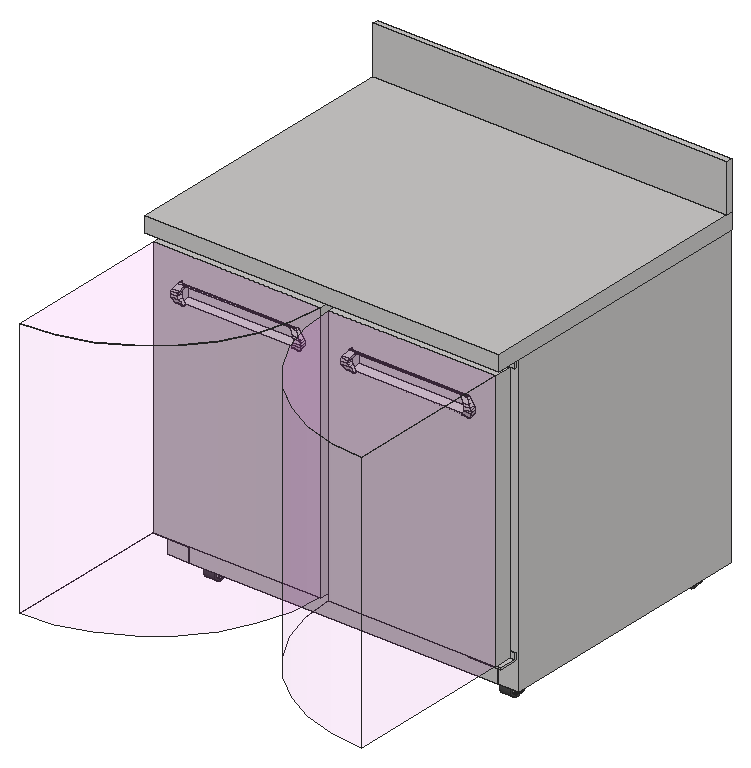
Revit family "Qf_Kelvinator_738339_KCHUCWT36F_2-Door_Worktop_Freezer_36_Long", category Specialty Equipment, Revit 2021
Family settings
  Round Connector Dimension = Use Diameter
  Part Type = Normal
  Work Plane-Based = No
  Always vertical = Yes
  Cut with Voids When Loaded = No
  Shared = No
  Room Calculation Point = No
Parameters
  Weight in Pounds = 187.393
  Watts = if(Phase = 3, Volts * FL Amps * 1.73, Volts * FL Amps)  # 345 W
  Volts = 115 V
  URL Cutsheet = ""
  Specification by User = ""
  Specification by Manufacturer = ""
  Show Clearance [instance] = yes
  Serial Number = ""
  Seismic Rating = ""
  SMACNA No = ""
  Revision Code = ""
  Refrigerant Type = "R290"
  Phase = 1
  Number of Poles = 1
  NAFEM Spec ID Number = ""
  Model = "738339 (KCHUCWT36F)"
  Min Ckt Ampacity = 0 A
  Max Overcurrent Protection = 0 A
  Masterspec = ""
  Manufacturer = "Kelvinator Commercial"
  Length = 36 7/16"
  Item Number = "738339"
  Installed By = ""
  Identify Quantity as Lot = yes
  Height = 39 5/8"
  HP = "1/4"
  Furnished By = ""
  Foodservice Equipment Identifier = yes
  FL Amps = 3 A
  Electrical Remarks = ""
  Electric Connection Type = ""
  Elec Conn RI Height = 0"
  Elec Conn Connection Height = 0"
  Description = "2-Door Worktop Freezer 36\" Long"
  Depth = 29 15/16"
  Default Elevation = 0"
  Cycle = 60 Hz
  Conn Plug = "5-15P"
  Conn Conduit = yes
  CSI MasterFormat = ""
  Apparent Power = if(Phase = 3, Volts * FL Amps * 1.73, Volts * FL Amps)  # 345 VA
Reference planes (in)
  plane 1 "BACK": y = 0
  plane 2: z = 0
  plane 3 "LEFT": x = 0
  plane 4 "RIGHT": x = 36.41732
  plane 5 "FRONT": y = -29.92126
  plane 6 "TOP": z = 39.64567
  plane 7 "Center Y": x = 18.20866
  plane 8 "Center X": y = -14.96063
  plane 9 "Base Height": z = 2.3622
  plane 10: z = 33.14961
  plane 11 "Worktop": z = 34.72441
  plane 12: x = 32.48031
  plane 13: z = 39.625
  plane 14: x = 36.4375
  plane 15: y = -29.9375
Forms (in)
  Extrusion 1, solid, material "QF_Metal - Stainless - Polished"
    sketch origin (0, 0, 34.72441) x (-1, 0, 0) y (0, -1, 0)
      loop
        line (0, 0) -> (0, 29.9375) -> (-36.4375, 29.9375) -> (-36.4375, 0) -> (0, 0)
    from 0 to -1.5748
  Extrusion 2, solid, material "QF_Metal - Stainless - Polished"
    sketch origin (36.4375, 0, 34.72441) x (0, -1, 0) y (0, 0, -1)
      loop
        line (0, 1.5748) -> (27.19734, 1.5748) -> (27.19734, 32.3622) -> (11.81102, 32.3622) -> (11.81102, 22.83465) -> (0, 22.83465) -> (0, 1.5748)
    from -2.30315 to -34.11417
  Extrusion 3, solid, material "QF_Metal - Stainless - Polished"
    sketch origin (0, 0, 0) x (1, 0, 0) y (0, 0, 1)
      loop
        line (2.30315, 2.3622) -> (2.30315, 33.14961) -> (0.09843, 33.14961) -> (0.09843, 2.3622) -> (2.30315, 2.3622)
      loop
        line (36.3189, 33.14961) -> (34.11417, 33.14961) -> (34.11417, 2.3622) -> (36.3189, 2.3622) -> (36.3189, 33.14961)
    from 0 to 27.1811
  Extrusion 4, solid, material "QF_Metal - Stainless - Polished"
    sketch origin (0, 0, -5.11811) x (0, 1, 0) y (0, 0, 1)
      loop
        arc (-27.1811, 37.77165) -> (-27.23876, 37.91085) -> (-27.37795, 37.9685) r 0.19685
        line (-27.37795, 37.9685) -> (-29.08661, 37.9685) -> (-29.08661, 37.85039) -> (-27.29921, 37.85039) -> (-27.29921, 37.22047) -> (-27.1811, 37.22047) -> (-27.1811, 37.77165)
    from 0.45276 to 3.75984
  Extrusion 5, solid, material "QF_Metal - Stainless - Polished"
    sketch origin (0, -27.1811, 0) x (1, 0, 0) y (0, 0, 1)
      loop
        line (17.81496, 32.40157) -> (0.61024, 32.40157) -> (0.61024, 5.61024) -> (17.81496, 5.61024) -> (17.81496, 32.40157)
      loop
        line (18.60236, 32.40157) -> (18.60236, 5.61024) -> (35.80709, 5.61024) -> (35.80709, 32.40157) -> (18.60236, 32.40157)
    from 0.61024 to 2.3937
  Revolve 6, solid, material "QF_Metal - Stainless - Polished"
    sketch origin (1.20079, -180, 26.25883) x (0, 0, 1) y (0, -1, 0)
      loop
        line (6.14274, -151.31693) -> (6.14274, -151.45472) -> (6.59156, -151.45472)
        arc (6.59156, -151.45472) -> (6.62674, -151.44015) -> (6.64131, -151.40497) r 0.04975
        line (6.64131, -151.40497) -> (6.64131, -151.31693) -> (6.14274, -151.31693)
      axis (6.64131, -151.31693) -> (6.14274, -151.31693)
    angle from 0 to 360
  Extrusion 7, solid, material "QF_Metal - Stainless - Polished"
    sketch origin (36.41732, 0, -5.11811) x (0, 1, 0) y (0, 0, -1)
      loop
        line (-27.1811, -37.77165) -> (-27.1811, -37.22047) -> (-27.29921, -37.22047) -> (-27.29921, -37.85039) -> (-29.08661, -37.85039) -> (-29.08661, -37.9685) -> (-27.37795, -37.9685)
        arc (-27.37795, -37.9685) -> (-27.23876, -37.91085) -> (-27.1811, -37.77165) r 0.19685
    from 0.45276 to 3.75984
  Revolve 8, solid, material "QF_Metal - Stainless - Polished"
    sketch origin (35.21654, -180, 26.25883) x (0, 0, 1) y (0, 1, 0)
      loop
        line (6.14274, 151.31693) -> (6.64131, 151.31693) -> (6.64131, 151.40497)
        arc (6.64131, 151.40497) -> (6.62674, 151.44015) -> (6.59156, 151.45472) r 0.04975
        line (6.59156, 151.45472) -> (6.14274, 151.45472) -> (6.14274, 151.31693)
      axis (6.64131, 151.31693) -> (6.14274, 151.31693)
    angle from 0 to 360
  Extrusion 9, solid, material "QF_Metal - Stainless - Polished"
    sketch origin (0, 0, 35.57087) x (0, 1, 0) y (0, 0, 1)
      loop
        line (-27.1811, -30.2126) -> (-27.1811, -29.66142) -> (-27.29921, -29.66142) -> (-27.29921, -30.29134) -> (-29.08661, -30.29134) -> (-29.08661, -30.40945) -> (-27.37795, -30.40945)
        arc (-27.37795, -30.40945) -> (-27.23876, -30.35179) -> (-27.1811, -30.2126) r 0.19685
    from 0.45276 to 3.75984
  Revolve 10, solid, material "QF_Metal - Stainless - Polished"
    sketch origin (1.20079, -180, 4.19392) x (0, 0, -1) y (0, 1, 0)
      loop
        line (-1.41632, 151.31693) -> (-0.91774, 151.31693) -> (-0.91774, 151.40497)
        arc (-0.91774, 151.40497) -> (-0.93232, 151.44015) -> (-0.9675, 151.45472) r 0.04975
        line (-0.9675, 151.45472) -> (-1.41632, 151.45472) -> (-1.41632, 151.31693)
      axis (-0.91774, 151.31693) -> (-1.41632, 151.31693)
    angle from 0 to 360
  Extrusion 11, solid, material "QF_Metal - Stainless - Polished"
    sketch origin (36.41732, 0, 35.57087) x (0, 1, 0) y (0, 0, -1)
      loop
        arc (-27.1811, 30.2126) -> (-27.23876, 30.35179) -> (-27.37795, 30.40945) r 0.19685
        line (-27.37795, 30.40945) -> (-29.08661, 30.40945) -> (-29.08661, 30.29134) -> (-27.29921, 30.29134) -> (-27.29921, 29.66142) -> (-27.1811, 29.66142) -> (-27.1811, 30.2126)
    from 0.45276 to 3.75984
  Revolve 12, solid, material "QF_Metal - Stainless - Polished"
    sketch origin (35.21654, -180, 4.19392) x (0, 0, -1) y (0, -1, 0)
      loop
        line (-1.41632, -151.31693) -> (-1.41632, -151.45472) -> (-0.9675, -151.45472)
        arc (-0.9675, -151.45472) -> (-0.93232, -151.44015) -> (-0.91774, -151.40497) r 0.04975
        line (-0.91774, -151.40497) -> (-0.91774, -151.31693) -> (-1.41632, -151.31693)
      axis (-0.91774, -151.31693) -> (-1.41632, -151.31693)
    angle from 0 to 360
  Extrusion 13, void
    sketch origin (0.61024, -27.1811, 3.16929) x (0, 0, 1) y (0, 1, 0)
      loop
        line (26.49213, -2.3937) -> (27.11311, -2.10413) -> (27.11311, -1.51358) -> (24.81366, -1.51358) -> (24.57783, -2.3937) -> (24.57783, -2.89858) -> (26.49213, -2.89858) -> (26.49213, -2.3937)
    from -2.84232 to -14.79941
  Extrusion 14, solid, material "QF_Metal - Stainless - Polished"
    sketch origin (0.61024, -27.1811, 3.16929) x (0, 0, 1) y (0, 1, 0)
      loop
        arc (25.66255, -2.88583) -> (25.77736, -2.87427) -> (25.88756, -2.84005) r 0.57588
        line (25.88756, -2.84005) -> (26.4466, -2.60275)
        arc (26.4466, -2.60275) -> (26.47987, -2.5711) -> (26.49213, -2.52684) r 0.08605
        line (26.49213, -2.52684) -> (26.49213, -2.3937) -> (24.52362, -2.3937) -> (24.52362, -2.52684)
        arc (24.52362, -2.52684) -> (24.53587, -2.5711) -> (24.56914, -2.60275) r 0.08605
        line (24.56914, -2.60275) -> (25.12816, -2.84004)
        arc (25.12816, -2.84004) -> (25.23839, -2.87426) -> (25.35322, -2.88583) r 0.57598
        line (25.35322, -2.88583) -> (25.66255, -2.88583)
    from -2.08661 to -15.55512
  Extrusion 15, void
    sketch origin (0, -29.5748, 0) x (1, 0, 0) y (0, 0, 1)
      loop
        arc (3.06002, 27.7398) -> (3.09731, 27.70539) -> (3.1465, 27.69291) r 0.10321
        line (3.1465, 27.69291) -> (3.87833, 27.69291)
        arc (3.87833, 27.69291) -> (3.90778, 27.71044) -> (3.9064, 27.74469) r 0.0335
        line (3.9064, 27.74469) -> (3.54363, 28.30172)
        arc (3.54363, 28.30172) -> (3.47581, 28.44848) -> (3.45256, 28.60847) r 0.5621
        line (3.45256, 28.60847) -> (3.45256, 28.73108)
        arc (3.45256, 28.73108) -> (3.46785, 28.83045) -> (3.51232, 28.92062) r 0.33045
        line (3.51232, 28.92062) -> (3.92503, 29.51004)
        arc (3.92503, 29.51004) -> (3.99539, 29.57174) -> (4.08628, 29.59398) r 0.19685
        line (4.08628, 29.59398) -> (14.77592, 29.59398)
        arc (14.77592, 29.59398) -> (14.86682, 29.57174) -> (14.93717, 29.51004) r 0.19685
        line (14.93717, 29.51004) -> (15.34989, 28.92062)
        arc (15.34989, 28.92062) -> (15.39435, 28.83045) -> (15.40965, 28.73108) r 0.33045
        line (15.40965, 28.73108) -> (15.40965, 28.60847)
        arc (15.40965, 28.60847) -> (15.3864, 28.44848) -> (15.31857, 28.30172) r 0.5621
        line (15.31857, 28.30172) -> (14.95581, 27.74469)
        arc (14.95581, 27.74469) -> (14.95443, 27.71044) -> (14.98388, 27.69291) r 0.0335
        line (14.98388, 27.69291) -> (15.7157, 27.69291)
        arc (15.7157, 27.69291) -> (15.76489, 27.70539) -> (15.80219, 27.7398) r 0.10321
        line (15.80219, 27.7398) -> (16.09437, 28.18846)
        arc (16.09437, 28.18846) -> (16.1442, 28.30275) -> (16.15402, 28.42704) r 0.37698
        line (16.15402, 28.42704) -> (16.13067, 28.69395)
        arc (16.13067, 28.69395) -> (16.11058, 28.78454) -> (16.06774, 28.86684) r 0.35543
        line (16.06774, 28.86684) -> (15.56744, 29.58134)
        arc (15.56744, 29.58134) -> (15.50032, 29.6402) -> (15.41361, 29.66142) r 0.1878
        line (15.41361, 29.66142) -> (3.4486, 29.66142)
        arc (3.4486, 29.66142) -> (3.36188, 29.6402) -> (3.29476, 29.58133) r 0.1878
        line (3.29476, 29.58133) -> (2.79447, 28.86684)
        arc (2.79447, 28.86684) -> (2.75162, 28.78454) -> (2.73154, 28.69395) r 0.35543
        line (2.73154, 28.69395) -> (2.70819, 28.42704)
        arc (2.70819, 28.42704) -> (2.71801, 28.30275) -> (2.76783, 28.18846) r 0.37698
        line (2.76783, 28.18846) -> (3.06002, 27.7398)
      loop
        line (2.34034, 30.14943) -> (2.34034, 27.27147) -> (16.50464, 27.27147) -> (16.50464, 30.14943) -> (2.34034, 30.14943)
      loop
        line (33.3573, 27.7398) -> (33.64949, 28.18846)
        arc (33.64949, 28.18846) -> (33.69931, 28.30275) -> (33.70914, 28.42704) r 0.37698
        line (33.70914, 28.42704) -> (33.68578, 28.69395)
        arc (33.68578, 28.69395) -> (33.6657, 28.78454) -> (33.62286, 28.86684) r 0.35543
        line (33.62286, 28.86684) -> (33.12256, 29.58133)
        arc (33.12256, 29.58133) -> (33.05544, 29.6402) -> (32.96872, 29.66142) r 0.1878
        line (32.96872, 29.66142) -> (21.00371, 29.66142)
        arc (21.00371, 29.66142) -> (20.917, 29.6402) -> (20.84988, 29.58134) r 0.1878
        line (20.84988, 29.58134) -> (20.34958, 28.86684)
        arc (20.34958, 28.86684) -> (20.30674, 28.78454) -> (20.28666, 28.69395) r 0.35543
        line (20.28666, 28.69395) -> (20.26331, 28.42704)
        arc (20.26331, 28.42704) -> (20.27313, 28.30275) -> (20.32295, 28.18846) r 0.37698
        line (20.32295, 28.18846) -> (20.61514, 27.7398)
        arc (20.61514, 27.7398) -> (20.65243, 27.70539) -> (20.70162, 27.69291) r 0.10321
        line (20.70162, 27.69291) -> (21.43345, 27.69291)
        arc (21.43345, 27.69291) -> (21.46289, 27.71044) -> (21.46152, 27.74469) r 0.0335
        line (21.46152, 27.74469) -> (21.09875, 28.30172)
        arc (21.09875, 28.30172) -> (21.03093, 28.44848) -> (21.00768, 28.60847) r 0.5621
        line (21.00768, 28.60847) -> (21.00768, 28.73108)
        arc (21.00768, 28.73108) -> (21.02297, 28.83045) -> (21.06744, 28.92062) r 0.33045
        line (21.06744, 28.92062) -> (21.48015, 29.51004)
        arc (21.48015, 29.51004) -> (21.5505, 29.57174) -> (21.6414, 29.59398) r 0.19685
        line (21.6414, 29.59398) -> (32.33104, 29.59398)
        arc (32.33104, 29.59398) -> (32.42194, 29.57174) -> (32.49229, 29.51004) r 0.19685
        line (32.49229, 29.51004) -> (32.905, 28.92062)
        arc (32.905, 28.92062) -> (32.94947, 28.83045) -> (32.96477, 28.73108) r 0.33045
        line (32.96477, 28.73108) -> (32.96477, 28.60847)
        arc (32.96477, 28.60847) -> (32.94152, 28.44848) -> (32.87369, 28.30172) r 0.5621
        line (32.87369, 28.30172) -> (32.51093, 27.74469)
        arc (32.51093, 27.74469) -> (32.50955, 27.71044) -> (32.53899, 27.69291) r 0.0335
        line (32.53899, 27.69291) -> (33.27082, 27.69291)
        arc (33.27082, 27.69291) -> (33.32001, 27.70539) -> (33.3573, 27.7398) r 0.10321
      loop
        line (34.07698, 30.14943) -> (19.91268, 30.14943) -> (19.91268, 27.27147) -> (34.07698, 27.27147) -> (34.07698, 30.14943)
    from 0 to 0.84096
  Extrusion 16, void
    sketch origin (35.80709, -27.1811, 25.29134) x (0, 0, 1) y (0, -1, 0)
      loop
        line (4.37008, 2.3937) -> (4.37008, 2.89858) -> (2.45578, 2.89858) -> (2.45578, 2.3937) -> (2.69161, 1.51358) -> (4.99106, 1.51358) -> (4.99106, 2.10413) -> (4.37008, 2.3937)
    from -2.84232 to -14.79941
  Extrusion 17, solid, material "QF_Metal - Stainless - Polished"
    sketch origin (35.80709, -27.1811, 3.16929) x (0, 0, 1) y (0, -1, 0)
      loop
        line (26.4466, 2.60275) -> (25.88756, 2.84005)
        arc (25.88756, 2.84005) -> (25.77736, 2.87427) -> (25.66255, 2.88583) r 0.57588
        line (25.66255, 2.88583) -> (25.35322, 2.88583)
        arc (25.35322, 2.88583) -> (25.23839, 2.87426) -> (25.12816, 2.84004) r 0.57598
        line (25.12816, 2.84004) -> (24.56914, 2.60275)
        arc (24.56914, 2.60275) -> (24.53587, 2.5711) -> (24.52362, 2.52684) r 0.08605
        line (24.52362, 2.52684) -> (24.52362, 2.3937) -> (26.49213, 2.3937) -> (26.49213, 2.52684)
        arc (26.49213, 2.52684) -> (26.47987, 2.5711) -> (26.4466, 2.60275) r 0.08605
    from -2.08661 to -15.55512
  Extrusion 18, solid, material "QF_Metal - Stainless - Polished"
    sketch origin (0.09843, 0, 2.3622) x (0, 0, 1) y (0, 1, 0)
      loop
        line (0, -11.81102) -> (0, 0) -> (-0.70866, 0) -> (-0.70866, -0.31496) -> (-0.64961, -0.31496) -> (-0.64961, -0.05906) -> (-0.05906, -0.05906) -> (-0.05906, -11.81102) -> (0, -11.81102)
      loop
        line (0, -27.02362) -> (0, -21.82677) -> (-0.70866, -21.82677) -> (-0.70866, -22.14173) -> (-0.64961, -22.14173) -> (-0.64961, -21.88583) -> (-0.05906, -21.88583) -> (-0.05906, -27.02362) -> (0, -27.02362)
    from -0.94882 to -35.27165
  Extrusion 19, solid, material "QF_Metal - Stainless - Polished"
    sketch origin (0, 0, 0) x (-1, 0, 0) y (0, 0, 1)
      loop
        line (-2.30315, 11.88976) -> (-34.11417, 11.88976) -> (-34.11417, 2.3622) -> (-2.30315, 2.3622) -> (-2.30315, 11.88976)
    from 0 to -0.0626
  Extrusion 20, solid, material "QF_Rubber - Black - Smooth"
    sketch origin (0, 0, 0) x (-1, 0, 0) y (0, 0, 1)
      loop
        circle (-32.48031, 10.77165) r 0.25
    from 0 to 0.0626
  Extrusion 21, solid, material "QF_Clearances_Door_Drawer", visible <- "Show Clearance"
    sketch origin (14.06858, -27.1811, 5.61024) x (0, -1, 0) y (-1, 0, 0)
      loop
        line (2.3937, -4.53378) -> (2.3937, -21.73851) -> (19.59843, -21.73851)
        arc (19.59843, -21.73851) -> (14.55928, -9.57293) -> (2.3937, -4.53378) r 17.20472
      loop
        arc (2.3937, -3.74638) -> (14.55928, 1.29277) -> (19.59843, 13.45834) r 17.20472
        line (19.59843, 13.45834) -> (2.3937, 13.45834) -> (2.3937, -3.74638)
    from 0 to -26.79134
  Extrusion 22, solid, material "QF_Rubber - Black - Smooth"
    sketch origin (0, -27.79134, 0) x (-1, 0, 0) y (0, 0, 1)
      loop
        line (-1.11024, 31.90157) -> (-17.31496, 31.90157) -> (-17.31496, 6.11024) -> (-1.11024, 6.11024) -> (-1.11024, 31.90157)
      loop
        line (-35.30709, 31.90157) -> (-35.30709, 6.11024) -> (-19.10236, 6.11024) -> (-19.10236, 31.90157) -> (-35.30709, 31.90157)
    from 0 to 0.61024
  Extrusion 23, solid, material "QF_Metal - Stainless - Polished"
    sketch origin (0, 0, 34.72441) x (-1, 0, 0) y (0, -1, 0)
      loop
        line (0, 0) -> (0, 0.60236) -> (-36.4375, 0.60236) -> (-36.4375, 0) -> (0, 0)
    from 0 to 4.90059
Cuts and joins
  joined: Extrusion 2, Extrusion 3
  Extrusion 13, Extrusion 16 cuts Extrusion 5
  Extrusion 15, Extrusion 16 cuts Extrusion 14
  Extrusion 15 cuts Extrusion 17
Lines and regions (in)
  symbolic lines
    curve 1: line (0, 0, 39.64567) -> (36.4375, 0, 39.64567)
    curve 2: line (0, -29.9375, 39.64567) -> (0, 0, 39.64567)
    curve 3: line (36.4375, -29.9375, 39.64567) -> (0, -29.9375, 39.64567)
    curve 4: line (36.4375, 0, 39.64567) -> (36.4375, -29.9375, 39.64567)
    curve 9: line (0, -0.60236, 39.64567) -> (36.4375, -0.60236, 39.64567)
  symbolic lines, style "QF_Clearances_Door_Drawer", visible <- "Show Clearance"
    curve 5: line (35.17888, -29.9375, 39.64567) -> (20.90736, -38.17717, 39.64567)
    curve 6: arc (20.90736, -38.17717, 39.64567) -> (19.23646, -34.20264, 39.64567) -> (18.60619, -29.9375, 39.64567) r 17.20472
    curve 7: line (1.23845, -29.9375, 39.64567) -> (15.50996, -38.17717, 39.64567)
    curve 8: arc (15.50996, -38.17717, 39.64567) -> (17.18086, -34.20264, 39.64567) -> (17.81114, -29.9375, 39.64567) r 17.20472
Dimensions and locks (in)
  equal spacing: plane 3 "LEFT", plane 7 "Center Y", plane 4 "RIGHT"
  plane 3 "LEFT" to plane 14 = 36 7/16"  (x2)
  equal spacing: plane 5 "FRONT", plane 8 "Center X", plane 1 "BACK"
  plane 5 "FRONT" to plane 1 "BACK" = 29.92126"
  plane 13 to level = 39 5/8"
  plane 9 "Base Height" to level = 2.3622"
  plane 6 "TOP" to plane 9 "Base Height" = 37.28346"
  plane 10 to plane 9 "Base Height" = 30.7874"
  plane 11 "Worktop" to plane 10 = 1.5748"
  plane 12 to plane 4 "RIGHT" = 3.93701"
  plane 13 to plane 2 = 39 5/8"
  plane 1 "BACK" to plane 15 = 29 15/16"
  aligned and locked: level to plane 2
Automatic sketch dimensions
  Extrusion 2 sketch curve to Extrusion 1 = 0"  (x2)
  Extrusion 1 to Extrusion 2 sketch curve = 11.81102"
  Extrusion 1 to Extrusion 2 sketch curve = 2.74016"
  Extrusion 2 sketch curve to Extrusion 1 = 21.25984"
  Extrusion 2 sketch curve to Extrusion 2 sketch curve = 9.52756"
  Extrusion 3 sketch curve to plane 9 "Base Height" = 0"  (x2)
  plane 3 "LEFT" to Extrusion 3 sketch curve = 0.09843"
  Extrusion 3 sketch curve to Extrusion 3 sketch curve = 2.20472"
  plane 4 "RIGHT" to Extrusion 3 sketch curve = 2.30315"
  plane 4 "RIGHT" to Extrusion 3 sketch curve = 0.09843"
  Extrusion 3 sketch curve to plane 6 "TOP" = 6.49606"  (x2)
  Extrusion 4 sketch curve to plane 5 "FRONT" = 0.83465"
  Extrusion 4 sketch curve to Extrusion 4 sketch curve = 1.70866"
  Extrusion 4 sketch curve to Extrusion 4 sketch curve = 0.07874"
  Extrusion 4 sketch curve to Extrusion 4 sketch curve = 0.11811"  (x2)
  Extrusion 4 sketch curve to plane 6 "TOP" = 7.54331"
  Extrusion 4 sketch curve to Extrusion 4 sketch curve = 0.55118"
  Extrusion 5 sketch curve to Extrusion 3 = 0.51181"  (x2)
  Extrusion 5 sketch curve to Extrusion 3 = 0.74803"  (x2)
  Extrusion 3 to Extrusion 5 sketch curve = 15.51181"
  Extrusion 5 sketch curve to Extrusion 5 sketch curve = 0.7874"
  Extrusion 5 sketch curve to Extrusion 3 = 3.24803"
  Extrusion 5 sketch curve to Extrusion 5 sketch curve = 0"
  Revolve 6 sketch curve to plane 6 "TOP" = 7.24409"
  Revolve 6 sketch curve to Revolve 6 sketch curve = 0.44882"
  Revolve 6 sketch curve to Revolve 6 sketch curve = 0.04975"
  Revolve 6 sketch curve to plane 5 "FRONT" = 1.37598"
  Revolve 6 sketch curve to Revolve 6 sketch curve = 0.1378"
  Revolve 6 sketch curve to Revolve 6 sketch curve = 0.68421"
  Revolve 6 sketch curve to Revolve 6 sketch curve = 0"  (x2)
  Extrusion 7 sketch curve to plane 5 "FRONT" = 0.83465"
  Extrusion 7 sketch curve to Extrusion 7 sketch curve = 1.70866"
  Extrusion 7 sketch curve to Extrusion 7 sketch curve = 0.07874"  (x2)
  Extrusion 7 sketch curve to Extrusion 7 sketch curve = 0.11811"
  Extrusion 7 sketch curve to plane 6 "TOP" = 6.79528"
  Extrusion 7 sketch curve to Extrusion 7 sketch curve = 0.55118"
  Revolve 8 sketch curve to plane 6 "TOP" = 7.24409"
  Revolve 8 sketch curve to Revolve 8 sketch curve = 0.44882"
  Revolve 8 sketch curve to Revolve 8 sketch curve = 0.04975"
  Revolve 8 sketch curve to plane 5 "FRONT" = 1.23819"
  Revolve 8 sketch curve to Revolve 8 sketch curve = 0.08804"
  Revolve 8 sketch curve to Revolve 8 sketch curve = 0.68421"
  Revolve 8 sketch curve to Revolve 8 sketch curve = 0"  (x2)
  Extrusion 9 sketch curve to plane 5 "FRONT" = 0.83465"
  plane 9 "Base Height" to Extrusion 9 sketch curve = 2.79921"
  Extrusion 9 sketch curve to Extrusion 9 sketch curve = 1.70866"
  Extrusion 9 sketch curve to Extrusion 9 sketch curve = 0.07874"  (x2)
  Extrusion 9 sketch curve to Extrusion 9 sketch curve = 0.11811"
  Extrusion 9 sketch curve to Extrusion 9 sketch curve = 0.55118"
  plane 9 "Base Height" to Revolve 10 sketch curve = 3.24803"
  plane 9 "Base Height" to Revolve 10 sketch curve = 2.79921"
  Revolve 10 sketch curve to Revolve 10 sketch curve = 0.04975"
  Revolve 10 sketch curve to plane 5 "FRONT" = 1.23819"
  Revolve 10 sketch curve to Revolve 10 sketch curve = 0.08804"
  Revolve 10 sketch curve to Revolve 10 sketch curve = 0.68421"
  Revolve 10 sketch curve to Revolve 10 sketch curve = 0"  (x2)
  Extrusion 11 sketch curve to plane 5 "FRONT" = 0.83465"
  plane 9 "Base Height" to Extrusion 11 sketch curve = 2.79921"
  Extrusion 11 sketch curve to Extrusion 11 sketch curve = 1.70866"
  Extrusion 11 sketch curve to Extrusion 11 sketch curve = 0.07874"
  Extrusion 11 sketch curve to Extrusion 11 sketch curve = 0.11811"  (x2)
  Extrusion 11 sketch curve to Extrusion 11 sketch curve = 0.55118"
  plane 9 "Base Height" to Revolve 12 sketch curve = 3.24803"
  plane 9 "Base Height" to Revolve 12 sketch curve = 2.79921"
  Revolve 12 sketch curve to Revolve 12 sketch curve = 0.04975"
  Revolve 12 sketch curve to plane 5 "FRONT" = 1.37598"
  Revolve 12 sketch curve to Revolve 12 sketch curve = 0.1378"
  Revolve 12 sketch curve to Revolve 12 sketch curve = 0.68421"
  Revolve 12 sketch curve to Revolve 12 sketch curve = 0"  (x2)
  Extrusion 13 sketch curve to Extrusion 5 = 0"  (x2)
  Extrusion 5 to Extrusion 13 sketch curve = 4.65445"
  Extrusion 13 sketch curve to Extrusion 13 sketch curve = 0.23583"
  Extrusion 13 sketch curve to Extrusion 13 sketch curve = 1.67847"
  Extrusion 5 to Extrusion 13 sketch curve = 0.28957"
  Extrusion 13 sketch curve to Extrusion 13 sketch curve = 0.62098"
  Extrusion 13 sketch curve to Extrusion 5 = 0.50488"
  Extrusion 13 sketch curve to Extrusion 13 sketch curve = 0.59055"
  Extrusion 14 sketch curve to Extrusion 5 = 0"
  Extrusion 14 sketch curve to Extrusion 5 = 0.13314"  (x2)
  Extrusion 5 to Extrusion 14 sketch curve = 4.70866"
  Extrusion 14 sketch curve to Extrusion 5 = 0.20905"  (x2)
  Extrusion 14 sketch curve to Extrusion 14 sketch curve = 0.04552"
  Extrusion 14 sketch curve to Extrusion 5 = 0.44634"
  Extrusion 14 sketch curve to Extrusion 14 sketch curve = 0.51849"
  Extrusion 14 sketch curve to Extrusion 14 sketch curve = 0.22505"
  Extrusion 14 sketch curve to Extrusion 14 sketch curve = 0.30933"
  Extrusion 14 sketch curve to Extrusion 5 = 0.44635"
  Extrusion 14 sketch curve to Extrusion 14 sketch curve = 0.22501"
  Extrusion 14 sketch curve to Extrusion 14 sketch curve = 0.51851"
  Extrusion 14 sketch curve to Extrusion 14 sketch curve = 0.04053"
  Extrusion 14 sketch curve to Extrusion 14 sketch curve = 0.04578"
  Extrusion 16 sketch curve to plane 5 "FRONT" = 0.34646"  (x2)
  Extrusion 16 sketch curve to plane 6 "TOP" = 11.89855"
  Extrusion 16 sketch curve to Extrusion 16 sketch curve = 0.23583"
  Extrusion 16 sketch curve to Extrusion 16 sketch curve = 1.67847"
  Extrusion 16 sketch curve to Extrusion 16 sketch curve = 0.62098"
  Extrusion 16 sketch curve to plane 5 "FRONT" = 0.63603"
  Extrusion 16 sketch curve to Extrusion 16 sketch curve = 0.88012"
  plane 5 "FRONT" to Extrusion 16 sketch curve = 0.15842"
  Extrusion 15 sketch curve to Extrusion 5 = 1.7301"
  Extrusion 15 sketch curve to Extrusion 15 sketch curve = 0.36785"
  Extrusion 15 sketch curve to Extrusion 15 sketch curve = 0.02335"  (x2)
  Extrusion 15 sketch curve to Extrusion 15 sketch curve = 0.05965"  (x4)
  Extrusion 15 sketch curve to Extrusion 15 sketch curve = 0.06293"  (x4)
  Extrusion 15 sketch curve to Extrusion 15 sketch curve = 0.29218"  (x2)
  Extrusion 15 sketch curve to Extrusion 15 sketch curve = 0.37554"  (x2)
  Extrusion 15 sketch curve to Extrusion 15 sketch curve = 0.00189"  (x4)
  Extrusion 15 sketch curve to Extrusion 15 sketch curve = 0.08648"  (x4)
  Extrusion 15 sketch curve to Extrusion 15 sketch curve = 0.5003"  (x2)
  Extrusion 15 sketch curve to Extrusion 15 sketch curve = 0.15384"  (x2)
  Extrusion 15 sketch curve to Extrusion 15 sketch curve = 0.36694"  (x4)
  Extrusion 15 sketch curve to Extrusion 15 sketch curve = 0.05976"  (x4)
  Extrusion 15 sketch curve to Extrusion 15 sketch curve = 0.09108"  (x2)
  Extrusion 15 sketch curve to Extrusion 15 sketch curve = 0.33045"
  Extrusion 15 sketch curve to Extrusion 15 sketch curve = 0.3347"  (x2)
  Extrusion 15 sketch curve to Extrusion 15 sketch curve = 0.02807"  (x4)
  Extrusion 15 sketch curve to Extrusion 15 sketch curve = 0.47643"  (x2)
  Extrusion 15 sketch curve to Extrusion 15 sketch curve = 0.23164"  (x4)
  Extrusion 15 sketch curve to Extrusion 15 sketch curve = 0.16125"  (x4)
  Extrusion 15 sketch curve to Extrusion 5 = 3.03904"
  Extrusion 15 sketch curve to Extrusion 15 sketch curve = 0.07163"  (x2)
  Extrusion 15 sketch curve to Extrusion 15 sketch curve = 0.10826"  (x2)
  Extrusion 15 sketch curve to Extrusion 15 sketch curve = 0.23938"  (x2)
  Extrusion 15 sketch curve to Extrusion 15 sketch curve = 0.27069"  (x3)
  Extrusion 15 sketch curve to Extrusion 15 sketch curve = 0.47644"  (x2)
  Extrusion 15 sketch curve to Extrusion 15 sketch curve = 0.15383"  (x2)
  Extrusion 15 sketch curve to Extrusion 15 sketch curve = 0.39713"  (x2)
  Extrusion 15 sketch curve to Extrusion 15 sketch curve = 0.29115"  (x2)
  Extrusion 15 sketch curve to Extrusion 15 sketch curve = 0.3159"  (x2)
  Extrusion 15 sketch curve to Extrusion 15 sketch curve = 0.9372"
  Extrusion 15 sketch curve to Extrusion 5 = 1.31032"
  Extrusion 15 sketch curve to Extrusion 15 sketch curve = 0.35062"
  Extrusion 15 sketch curve to Extrusion 5 = 3.47605"
  Extrusion 15 sketch curve to Extrusion 15 sketch curve = 0.71968"
  Extrusion 15 sketch curve to Extrusion 5 = 5.13011"  (x2)
  Extrusion 15 sketch curve to Extrusion 15 sketch curve = 0.42145"  (x4)
  Extrusion 15 sketch curve to Extrusion 15 sketch curve = 0.0335"  (x4)
  Extrusion 15 sketch curve to Extrusion 15 sketch curve = 3/64"  (x4)
  Extrusion 15 sketch curve to Extrusion 15 sketch curve = 0.44866"  (x4)
  Extrusion 15 sketch curve to Extrusion 15 sketch curve = 0.5056"  (x4)
  Extrusion 15 sketch curve to Extrusion 15 sketch curve = 0.20572"  (x4)
  Extrusion 15 sketch curve to Extrusion 15 sketch curve = 0.26879"  (x4)
  Extrusion 15 sketch curve to Extrusion 15 sketch curve = 0.26691"  (x4)
  Extrusion 15 sketch curve to Extrusion 15 sketch curve = 0.12262"  (x4)
  Extrusion 15 sketch curve to Extrusion 15 sketch curve = 0.66605"  (x4)
  Extrusion 15 sketch curve to Extrusion 15 sketch curve = 0.55299"  (x2)
  Extrusion 15 sketch curve to Extrusion 15 sketch curve = 0.553"  (x2)
  Extrusion 15 sketch curve to Extrusion 15 sketch curve = 0.11291"  (x2)
  Extrusion 15 sketch curve to Extrusion 15 sketch curve = 0.10772"  (x2)
  Extrusion 15 sketch curve to Extrusion 15 sketch curve = 0.56809"  (x2)
  Extrusion 17 sketch curve to Extrusion 5 = 0"
  Extrusion 17 sketch curve to Extrusion 5 = 4.70866"
  Extrusion 17 sketch curve to Extrusion 5 = 0.20905"  (x2)
  Extrusion 17 sketch curve to Extrusion 17 sketch curve = 0.04552"
  Extrusion 17 sketch curve to Extrusion 17 sketch curve = 0.04053"  (x2)
  Extrusion 17 sketch curve to Extrusion 5 = 0.44634"
  Extrusion 17 sketch curve to Extrusion 17 sketch curve = 0.51849"
  Extrusion 17 sketch curve to Extrusion 17 sketch curve = 0.22505"
  Extrusion 5 to Extrusion 17 sketch curve = 0.08375"
  Extrusion 17 sketch curve to Extrusion 17 sketch curve = 0.30933"
  Extrusion 17 sketch curve to Extrusion 5 = 0.44635"
  Extrusion 17 sketch curve to Extrusion 17 sketch curve = 0.22501"
  Extrusion 17 sketch curve to Extrusion 5 = 0.13314"
  Extrusion 17 sketch curve to Extrusion 17 sketch curve = 0.51851"
  Extrusion 3 to Extrusion 19 sketch curve = 0"
  Extrusion 19 sketch curve to Extrusion 3 = 0"  (x2)
  Extrusion 19 sketch curve to Extrusion 3 = 9.52756"
  Extrusion 20 sketch curve to Extrusion 19 = 1.63386"
  Extrusion 20 sketch curve to Extrusion 19 = 1.11811"
  Extrusion 5 to Extrusion 21 sketch curve = 0"
  Extrusion 21 sketch curve to Extrusion 5 = 0"  (x3)
  Extrusion 5 to Extrusion 21 sketch curve = 17.20472"
  Extrusion 21 sketch curve to Extrusion 21 sketch curve = 0.7874"
  Extrusion 22 sketch curve to Extrusion 5 = 1/2"  (x8)
  plane 1 "BACK" to curve 1 = 0"
  curve 1 to plane 4 "RIGHT" = 0.02018"
  plane 5 "FRONT" to curve 5 = 0.01624"
  curve 2 to plane 3 "LEFT" = 0"
  plane 4 "RIGHT" to curve 6 = 0.61024"
  plane 7 "Center Y" to curve 5 = 2.6987"
  curve 7 to plane 7 "Center Y" = 2.6987"
  plane 3 "LEFT" to curve 8 = 0.61024"
  curve 6 to plane 5 "FRONT" = 0.34646"
  curve 8 to plane 5 "FRONT" = 0.34646"
  plane 5 "FRONT" to curve 5 = 8.25591"
  curve 7 to curve 5 = 0"
  curve 6 to curve 5 = 0.62821"
  curve 7 to curve 8 = 0.62821"
  plane 1 "BACK" to Extrusion 1 sketch curve = 0"
  Extrusion 1 sketch curve to plane 4 "RIGHT" = 0.02018"
  Extrusion 1 sketch curve to plane 3 "LEFT" = 0"
  plane 5 "FRONT" to Extrusion 1 sketch curve = 0.01624"
  Extrusion 23 sketch curve to Extrusion 1 = 0"  (x3)
  Extrusion 23 sketch curve to Extrusion 1 = 0.60236"
  curve 1 to curve 9 = 0.60236"
  Extrusion 18 sketch curve to Extrusion 3 = 0"  (x3)
  Extrusion 18 sketch curve to Extrusion 3 = 0.05906"  (x2)
  Extrusion 18 sketch curve to Extrusion 18 sketch curve = 0.59055"  (x2)
  Extrusion 3 to Extrusion 18 sketch curve = 0.05906"
  Extrusion 18 sketch curve to Extrusion 18 sketch curve = 0.05906"  (x3)
  Extrusion 18 sketch curve to Extrusion 18 sketch curve = 0.25591"  (x2)
  Extrusion 18 sketch curve to Extrusion 18 sketch curve = 11.49606"
  Extrusion 18 sketch curve to Extrusion 18 sketch curve = 10.01575"
  Extrusion 3 to Extrusion 18 sketch curve = 0.15748"
  radius of Extrusion 20 sketch curve = 1/4"
Nested families (in)
  nested 1: "2 INCHES_CASTER" at (33.44094, -2.16535, 0), type "2 INCHES_CASTER"
    with Type Mark "", Specification by User "", Revision Code "", Item Number "", Installed By "", Identify Quantity as Lot yes, Furnished By "", Foodservice Equipment Identifier yes, 2.5 Inches Caster yes
  nested 2: "2 INCHES_CASTER" at (33.44094, -25.01575, 0), type "2 INCHES_CASTER"
    with Type Mark "", Specification by User "", Revision Code "", Item Number "", Installed By "", Identify Quantity as Lot yes, Furnished By "", Foodservice Equipment Identifier yes, 2.5 Inches Caster yes
  nested 3: "2 INCHES_CASTER" at (2.97638, -2.16535, 0), type "2 INCHES_CASTER"
    with Type Mark "", Specification by User "", Revision Code "", Item Number "", Installed By "", Identify Quantity as Lot yes, Furnished By "", Foodservice Equipment Identifier yes, 2.5 Inches Caster yes
  nested 4: "2 INCHES_CASTER" at (2.97638, -25.01575, 0), type "2 INCHES_CASTER"
    with Type Mark "", Specification by User "", Revision Code "", Item Number "", Installed By "", Identify Quantity as Lot yes, Furnished By "", Foodservice Equipment Identifier yes, 2.5 Inches Caster yes
Connectors (in)
  electrical at (32.48031, 0.0626, 10.77165), driven by "Volts"
    settings: on Extrusion 20, index 1, voltage 115 V, apparent load 0 VA, apparent load phase1 0 VA, apparent load phase2 0 VA, apparent load phase3 0 VA, power factor 1, load classification "Other", number of poles 1, system type 30, power factor state 1, is connector primary yes, connector utility no, sub classification motor no, connector description "Electrical Connection"
Definition of nested family "2 INCHES_CASTER"
  Parameters (values of type "2 INCHES_CASTER")
    Weight = ""
    URL Manufacturer = ""
    URL Cutsheet = ""
    URL = ""
    Type Mark [instance] = ""
    Specification by User [instance] = ""
    Specification by Manufacturer = ""
    Serial Number = ""
    Seismic Rating = ""
    SMACNA No = ""
    Revision Code [instance] = ""
    Omniclass Number and Title = ""
    NAFEM Spec ID Number = ""
    Model = ""
    MasterSpec. = ""
    Manufacturer = ""
    Item Number [instance] = ""
    Installed By [instance] = ""
    Identify Quantity as Lot [instance] = yes
    Furnished By [instance] = ""
    Foodservice Equipment Identifier [instance] = yes
    Description = ""
    Default Elevation = 0"
    CSI MasterFormat = ""
    CSI Master Format = ""
    Assembly Code = ""
    2.5 Inches Caster [instance] = yes
  Reference planes (in)
    plane 1: z = 0
    plane 2 "RIGHT": x = 0
    plane 3 "FRONT": y = 0
    plane 4 "TOP": z = 2.30315
  Forms (in)
    Revolve 1, solid, visible <- "2.5 Inches Caster"
      sketch origin (-1.93794, 0.46818, -1.0041) x (1, 0, 0) y (0, 0, 1)
        loop
          line (0.74055, 1.86347) -> (0.74055, 1.78797) -> (0.79055, 1.73797) -> (0.85055, 1.73797) -> (0.85055, 1.6179) -> (1.235, 1.6179) -> (1.235, 1.55055) -> (1.38673, 1.46295) -> (1.4003, 1.3791) -> (1.34375, 1.3791) -> (1.34375, 1.2541) -> (1.375, 1.2541) -> (1.375, 1.0041) -> (2.48438, 1.0041) -> (2.48438, 1.2541) -> (2.51563, 1.2541) -> (2.51563, 1.3791) -> (2.45908, 1.3791) -> (2.47322, 1.46647) -> (2.62438, 1.55374) -> (2.62438, 1.6179) -> (3.04007, 1.6179) -> (3.04007, 1.73797) -> (3.10007, 1.73797) -> (3.15007, 1.78797) -> (3.15007, 1.86347) -> (0.74055, 1.86347)
        axis (0.74055, 1.86347) -> (3.15007, 1.86347)
      angle from 0 to 360
    Extrusion 2, solid, visible <- "2.5 Inches Caster"
      sketch origin (-1.93794, 1.43296, -3.41527) x (0, 1, 0) y (0, 0, 1)
        loop
          line (-0.64294, 5.3791) -> (-2.21294, 5.3791) -> (-2.21294, 5.24769) -> (-1.37414, 5.24769)
          arc (-1.37414, 5.24769) -> (-0.62115, 5.15851) -> (0.05138, 4.80832) r 2.10495
          line (0.05138, 4.80832) -> (0.12713, 4.91318)
          arc (0.12713, 4.91318) -> (-0.07255, 5.06376) -> (-0.29048, 5.18644) r 1.8753
          line (-0.29048, 5.18644) -> (-0.22239, 5.30423)
          arc (-0.22239, 5.30423) -> (-0.42936, 5.36024) -> (-0.64294, 5.3791) r 1.21859
      from 1.17357 to 2.70231
    Revolve 3, solid, visible <- "2.5 Inches Caster"
      sketch origin (0, 1.73858, -3.75) x (0, 1, 0) y (0, 0, 1)
        loop
          line (-1.73858, 5.71382) -> (-1.05793, 5.71382) -> (-1.05793, 6.05315) -> (-1.73858, 6.05315) -> (-1.73858, 5.71382)
        axis (-1.73858, 5.71382) -> (-1.73858, 6.05315)
      angle from 0 to 360
    Extrusion 4, solid, visible <- "2.5 Inches Caster"
      sketch origin (-1.98481, 1.43296, -1.7541) x (0, 1, 0) y (0, 0, 1)
        loop
          line (-2.21294, 3.71792) -> (-2.21294, 3.58652) -> (-1.94904, 3.58652)
          arc (-1.94904, 3.58652) -> (-1.56115, 3.28048) -> (-1.39241, 2.81612) r 0.90292
          arc (-1.39241, 2.81612) -> (-1.36136, 2.62044) -> (-1.29729, 2.43295) r 1.15385
          arc (-1.29729, 2.43295) -> (-0.94802, 2.21237) -> (-0.6121, 2.45278) r 0.37001
          arc (-0.6121, 2.45278) -> (-0.59625, 2.50123) -> (-0.58446, 2.55082) r 0.61695
          arc (-0.58446, 2.55082) -> (-0.36134, 2.95548) -> (0.05609, 3.15367) r 0.75313
          line (0.05609, 3.15367) -> (0.12713, 3.252)
          arc (0.12713, 3.252) -> (-0.07255, 3.40259) -> (-0.29048, 3.52526) r 1.8753
          line (-0.29048, 3.52526) -> (-0.22239, 3.64306)
          arc (-0.22239, 3.64306) -> (-0.42936, 3.69906) -> (-0.64294, 3.71792) r 1.21859
          line (-0.64294, 3.71792) -> (-2.21294, 3.71792)
      from 2.74918 to 2.90825
    Extrusion 5, solid, visible <- "2.5 Inches Caster"
      sketch origin (1.98481, 1.43296, -1.7541) x (0, 1, 0) y (0, 0, -1)
        loop
          arc (-0.58446, -2.55082) -> (-0.59625, -2.50123) -> (-0.6121, -2.45278) r 0.61695
          arc (-0.6121, -2.45278) -> (-0.94802, -2.21237) -> (-1.29729, -2.43295) r 0.37001
          arc (-1.29729, -2.43295) -> (-1.36136, -2.62044) -> (-1.39241, -2.81612) r 1.15385
          arc (-1.39241, -2.81612) -> (-1.56115, -3.28048) -> (-1.94904, -3.58652) r 0.90292
          line (-1.94904, -3.58652) -> (-2.21294, -3.58652) -> (-2.21294, -3.71792) -> (-0.64294, -3.71792)
          arc (-0.64294, -3.71792) -> (-0.42936, -3.69906) -> (-0.22239, -3.64306) r 1.21859
          line (-0.22239, -3.64306) -> (-0.29048, -3.52526)
          arc (-0.29048, -3.52526) -> (-0.07255, -3.40259) -> (0.12713, -3.252) r 1.8753
          line (0.12713, -3.252) -> (0.05609, -3.15367)
          arc (0.05609, -3.15367) -> (-0.36134, -2.95548) -> (-0.58446, -2.55082) r 0.75313
      from 2.74918 to 2.90825
  Lines and regions (in)
    symbolic lines, visible <- "2.5 Inches Caster"
      curve 1: line (0.10651, 1.59133, 0) -> (0.80944, 1.1855, 0)
      curve 2: line (-0.89349, -0.14072, 0) -> (0.10651, 1.59133, 0)
      curve 3: line (-0.19056, -0.54656, 0) -> (-0.89349, -0.14072, 0)
      curve 4: line (0.80944, 1.1855, 0) -> (-0.19056, -0.54656, 0)
  Dimensions and locks (in)
    plane 4 "TOP" to level = 2.30315"  (x2)
    aligned and locked: level to plane 1
